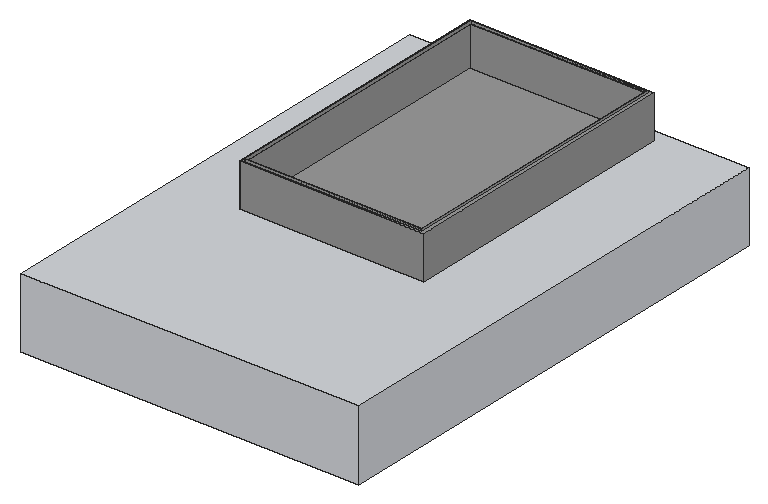
Revit family "Hager-Univers-IP30-D205-H1250-Cl.II-Encl-NL-en", category Equipement électrique, Revit 2020
Family settings
  Hôte = Face
  Configuration du panneau = Deux colonnes, circuits au sein
  Cote de connecteur circulaire = Utiliser le diamètre
  Type d'élément = Tableau de raccordement
  Couper avec des vides une fois chargée = Non
  Partagée = Non
  Point de calcul de pièce = Non
Parameters (values of type "Surface mounted (plaster) IP30 W800 H1250 D205  - FP83Q1S")
  Width Control [instance] = if([EF000008 - Width] > Min Width, [EF000008 - Width], Min Width)  # 800 mm
  Commentaires du type = [HG000003 - Range]  # "Univers"
  Thickness Door [instance] = if([EF009171 - Material plate thickness door/cover] > 3 mm, 3 mm, [EF009171 - Material plate thickness door/cover])  # 1 mm
  Seal Frame Offset [instance] = 17 mm  # constant formula
  Plinth Visibility [instance] = [HG000027 - Plinth height] > 0 mm  # no
  Model = ""
  Min Width [instance] = 100 mm  # constant formula
  Min Height [instance] = 100 mm  # constant formula
  Min Depth [instance] = (2 * [EF009170 - Material plate thickness cabinet]) + 1 mm  # 3 mm
  Internal Frame Depth [instance] = (Door System Depth * 0.5)  # 9 mm
  Height Control [instance] = if([EF000040 - Height] > Min Height, [EF000040 - Height], Min Height)  # 1250 mm
  HG000027 - Plinth height = 0 mm
  HG000026 - Floor standing = no
  HG000024 - Bottom section height = 800 mm
  HG000023 - Double section enclosure = no
  HG000016 - Door 3d visibility [instance] = yes
  HG000015 - Clearance visibility [instance] = no
  HG000014 - Door on the right [instance] = yes
  HG000013 - Door on the left [instance] = not([HG000014 - Door on the right])  # no
  HG000012 - Door swing angle [instance] = 30.00°
  HG000010 - Asymmetric doors = no
  HG000009 - Double swing door = no
  HG000006 - Flush mounted = no
  HG000004 - Manufacturer reference = "FP83Q1S"
  HG000003 - Range = "Univers"
  HG000002 - With door or cover = no
  Frame Offset Bottom [instance] = 10 mm  # constant formula
  Frame Offset [instance] = 15 mm  # constant formula
  EF015940 - Cover with overpressure release = no
  EF011959 - Degree of protection (NEMA) = ""
  EF009554 - Number of openings for flange plates = 6
  EF009212 - Cover model = "EV009916 - With notch"
  EF009171 - Material plate thickness door/cover = 1 mm
  EF009170 - Material plate thickness cabinet = 1 mm
  Fabricant = "Hager"  # constant formula
  EF008873 - Nominal current (In) = 250 A
  EF007800 - Suitable for lightning protection = no
  EF006306 - With lock = no
  EF006244 - Transparent cover/door = no
  EF005474 - Degree of protection (IP) = "EV006410 - IP30"
  EF004464 - Type of door = "EV000494 - None"
  EF004427 - Number of modules = 288
  EF004293 - Impact strength = "EV006813 - IK07"
  EF003532 - Suitable for outdoor use = no
  EF002950 - Width in number of modular spacings = 36
  EF001613 - Circuit integrity = "EV000494 - None"
  EF001596 - Material housing = "EV000179 - Steel"
  EF001131 - Internal depth = 130 mm
  EF001088 - Extension possible = yes
  EF000437 - Number of conduit inlets = 6
  EF000339 - Type of cover = "EV000494 - None"
  EF000266 - Number of rows = 8
  EF000218 - Built-in depth = 0 mm
  EF000118 - With mounting plate = no
  EF000116 - RAL-number = "9010"
  EF000049 - Depth = 205 mm
  EF000040 - Height = 1250 mm
  EF000008 - Width = 800 mm
  EF000007 - Colour = "EV000202 - White"
  EF000003 - Mounting method = "EV000384 - Surface mounted (plaster)"
  Door System Leaf Tolerance [instance] = 1.5 mm  # constant formula
  Door System Depth [instance] = 18 mm  # constant formula
  Door Height [instance] = Height Control - [HG000027 - Plinth height]  # 1250 mm
  Depth Control [instance] = if([EF000049 - Depth] > Min Depth, [EF000049 - Depth], Min Depth)  # 205 mm
  Default Elevation = 0 mm
  Connector Offset [instance] = Height Control / 2  # 625 mm
  Bottom Top Plate Trim [instance] = 1.5 mm  # constant formula
  Plinth height Ctrl [instance] = if([HG000027 - Plinth height] > 0 mm, [HG000027 - Plinth height], 12 mm)  # 12 mm
Types (5, lengths in mm): name | Width Control | HG000004 - Manufacturer reference | EF009554 - Number of openings for flange plates | EF004427 - Number of modules | EF002950 - Width in number of modular spacings | EF000437 - Number of conduit inlets | EF000008 - Width
  Surface mounted (plaster) IP30 W1050 H1250 D205  - FP84Q1S | 1050 | "FP84Q1S" | 8 | 384 | 48 | 8 | 1050
  Surface mounted (plaster) IP30 W1300 H1250 D205  - FP85Q1S | 1300 | "FP85Q1S" | 10 | 480 | 60 | 10 | 1300
  Surface mounted (plaster) IP30 W300 H1250 D205  - FP81Q1S | 300 | "FP81Q1S" | 2 | 96 | 12 | 2 | 300
  Surface mounted (plaster) IP30 W550 H1250 D205  - FP82Q1S | 550 | "FP82Q1S" | 4 | 192 | 24 | 4 | 550
  Surface mounted (plaster) IP30 W800 H1250 D205  - FP83Q1S | 800 | "FP83Q1S" | 6 | 288 | 36 | 6 | 800
Reference planes
  plane 1 "Center (Front/Back)": y = 0
  plane 2: z = 0
  plane 3 "Center (Left/Right)": x = 0
  plane 4: z = 205
  plane 5: y = 1
  plane 6: y = 625
  plane 7: y = 0
  plane 8: y = 1250
  plane 9: z = 0
  plane 10: x = -385
  plane 11: x = 385
  plane 12: x = 384
  plane 13: x = -384
  plane 14: y = 1249
  plane 15: x = -383
  plane 16: x = -400
  plane 17: x = 383
  plane 18: x = 400
  plane 19: x = 399
  plane 20: x = -399
  plane 21: y = 11
  plane 22: y = 1250
  plane 23: y = 1234
  plane 24: z = 187
  plane 25: z = 1
  plane 26: z = 186
  plane 27: z = 204
Forms (mm)
  Extrusion 1, solid
    sketch origin (0, 0, 0) x (1, 0, 0) y (0, 1, 0)
      loop
        line (-702.964, 1305) -> (-702.964, -811.445) -> (766.763, -811.445) -> (766.763, 1305) -> (-702.964, 1305)
    from 0 to -304.8
  Extrusion 2, solid, material "Hager_Steel_RAL7035_Light_Grey", visible <- "Plinth Visibility", detail levels medium+fine
    sketch origin (0, 0, 0) x (1, 0, 0) y (0, 1, 0)
      loop
        line (-400, 0) -> (400, 0) -> (400, 12) -> (-400, 12) -> (-400, 0)
    from 0 to 187
  Extrusion 3, solid, material "Hager_Steel_RAL7035_Light_Grey", detail levels medium+fine
    sketch origin (0, 0, 0) x (1, 0, 0) y (0, 1, 0)
      loop
        line (-400, 0) -> (400, 0) -> (400, 1250) -> (-400, 1250) -> (-400, 0)
    from 0 to 187
  Extrusion 4, void
    sketch origin (0, 0, 0) x (1, 0, 0) y (0, 1, 0)
      loop
        line (-399, 1) -> (399, 1) -> (399, 1249) -> (-399, 1249) -> (-399, 1)
    from 1 to 186
  Extrusion 5, void
    sketch origin (-381.607, -4572, 187) x (0, -1, 0) y (-1, 0, 0)
      loop
        line (-4583, 2.393) -> (-5806, 2.393) -> (-5806, -765.607) -> (-4583, -765.607) -> (-4583, 2.393)
    from 0 to 1 <- "EF009170 - Material plate thickness cabinet"
  Extrusion 6, solid, material "Hager_Steel_RAL7035_Light_Grey", detail levels fine
    sketch origin (0, 0, 187) x (1, 0, 0) y (0, 1, 0)
      loop
        line (-384, 1234) -> (-384, 11) -> (384, 11) -> (384, 1234) -> (-384, 1234)
      loop
        line (-385, 10) -> (385, 10) -> (385, 1235) -> (-385, 1235) -> (-385, 10)
    from 0 to 9 <- "Internal Frame Depth"
  Extrusion 7, solid, material "Hager_Steel_RAL7035_Light_Grey", detail levels coarse
    sketch origin (0, 0, 0) x (1, 0, 0) y (0, 1, 0)
      loop
        line (-400, 0) -> (400, 0) -> (400, 1250) -> (-400, 1250) -> (-400, 0)
    from 0 to 205
  Sweep 8, void
    path in 3D
      loop
        line (-400, 12, 0) -> (400, 12, 0) -> (400, 12, 187) -> (-400, 12, 187) -> (-400, 12, 0)
    profile origin (-400, 12, 93.5) x (-1, 0, 0) y (0, -1, 0)
      loop
        line (0, 0) -> (0, 1.5) -> (-1.5, 1.5)
        arc (-1.5, 1.5) -> (-1.061, 0.439) -> (0, 0) r 1.5
Cuts and joins
  Extrusion 4, Extrusion 5 cuts Extrusion 3
  Sweep 8 cuts Extrusion 2
Lines and regions (mm)
  Masking region 1
    outline origin (0, 0, 0) x (1, 0, 0) y (0, 0, 1)
      loop
        line (-400, 205) -> (-400, 0) -> (400, 0) -> (400, 205) -> (-400, 205)
  Masking region 2, detail levels medium+fine
    outline origin (0, 140, 0) x (0, 1, 0) y (0, 0, 1)
      loop
        line (-140, 0) -> (1110, 0) -> (1110, 187) -> (-140, 187) -> (-140, 0)
  Masking region 3, not visible, detail levels medium+fine
    outline origin (0, 297.922, 0) x (0, 1, 0) y (0, 0, 1)
      loop
        line (338.578, 0) -> (378.578, 0) -> (378.578, 194)
        arc (378.578, 194) -> (375.649, 201.071) -> (368.578, 204) r 10
        line (368.578, 204) -> (338.578, 204) -> (338.578, 0)
  Masking region 4, detail levels coarse
    outline origin (0, 0, 180) x (0, 1, 0) y (0, 0, 1)
      loop
        line (0, -180) -> (1250, -180) -> (1250, 25) -> (0, 25) -> (0, -180)
  Masking region 5, visible <- "Plinth Visibility", detail levels medium+fine
    outline origin (0, 52.24, 12.345) x (0, 0, -1) y (0, 1, 0)
      loop
        line (10.845, -40.24) -> (-173.155, -40.24)
        arc (-173.155, -40.24) -> (-173.594, -41.301) -> (-174.655, -41.74) r 1.5
        line (-174.655, -41.74) -> (-174.655, -52.24) -> (12.345, -52.24) -> (12.345, -41.74)
        arc (12.345, -41.74) -> (11.285, -41.301) -> (10.845, -40.24) r 1.5
  Masking region 6, detail levels medium+fine
    outline origin (-381.607, -4572, 187) x (-1, 0, 0) y (0, -1, 0)
      loop
        line (18.393, -5822) -> (18.393, -4572) -> (-781.607, -4572) -> (-781.607, -5822) -> (18.393, -5822)
  Masking region 7, visible <- "Plinth Visibility", detail levels medium+fine
    outline origin (-381.607, -4727, 187) x (-1, 0, 0) y (0, -1, 0)
      loop
        arc (16.893, -4739) -> (17.332, -4737.939) -> (18.393, -4737.5) r 1.5
        line (18.393, -4737.5) -> (18.393, -4727) -> (-781.607, -4727) -> (-781.607, -4737.5)
        arc (-781.607, -4737.5) -> (-780.546, -4737.939) -> (-780.107, -4739) r 1.5
        line (-780.107, -4739) -> (16.893, -4739)
  Masking region 8, detail levels coarse
    outline origin (-442.548, -4669.526, 187) x (-1, 0, 0) y (0, -1, 0)
      loop
        line (-42.548, -5919.526) -> (-42.548, -4669.526) -> (-842.548, -4669.526) -> (-842.548, -5919.526) -> (-42.548, -5919.526)
  sketch lines
    curve 1: line (-400, 12, 187) -> (-400, 12, 0)
    curve 2: line (400, 12, 187) -> (-400, 12, 187)
    curve 3: line (400, 12, 187) -> (400, 12, 0)
    curve 4: line (-400, 12, 0) -> (400, 12, 0)
Dimensions and locks
  "Depth Control": plane 4 to Extrusion 1
  "HG000027 - Plinth height": plane 1 "Center (Front/Back)" to plane 7
  "EF009170 - Material plate thickness cabinet": plane 5 to plane 7
  locked: connector elem to plane 3 "Center (Left/Right)"
  equal spacing: plane 8, plane 6, plane 7
  locked: connector elem to plane 6
  "EF009170 - Material plate thickness cabinet": plane 8 to plane 14
  "EF009170 - Material plate thickness cabinet": plane 10 to plane 13
  "EF009170 - Material plate thickness cabinet": plane 12 to plane 11
  "Frame Offset": plane 20 to plane 13
  "Frame Offset": plane 12 to plane 19
  "EF009170 - Material plate thickness cabinet": plane 16 to plane 20
  "EF009170 - Material plate thickness cabinet": plane 19 to plane 18
  "Seal Frame Offset": plane 16 to plane 15
  "Seal Frame Offset": plane 17 to plane 18
  "Frame Offset Bottom": plane 21 to plane 5
  "Frame Offset": plane 14 to plane 23
  equal spacing: plane 16, plane 3 "Center (Left/Right)", plane 18
  "Width Control": plane 16 to plane 18
  "EF009170 - Material plate thickness cabinet": plane 4 to plane 27
  "EF009170 - Material plate thickness cabinet": plane 24 to plane 26
  "EF009170 - Material plate thickness cabinet": plane 25 to level
  "Door System Depth": plane 4 to plane 24
  "Height Control": plane 1 "Center (Front/Back)" to Extrusion 7 sketch curve
  "Height Control": Masking region 4 sketch curve to plane 1 "Center (Front/Back)"
  "Height Control": plane 1 "Center (Front/Back)" to plane 22
  "Bottom Top Plate Trim": profile plane to Sweep 8 sketch curve
  "Bottom Top Plate Trim": Sweep 8 sketch curve to profile plane
  "Plinth height Ctrl": plane 1 "Center (Front/Back)" to Extrusion 2 sketch curve
  "Plinth height Ctrl": Masking region 5 sketch curve to plane 1 "Center (Front/Back)"
  "Plinth height Ctrl": plane 1 "Center (Front/Back)" to Masking region 7 sketch curve
  "Thickness Door": Extrusion 6 sketch curve to Extrusion 6 sketch curve  (x3)
  "Thickness Door": cut or joined group of Extrusion 3, Extrusion 4, Extrusion 5 to Extrusion 6 sketch curve
  radius of Masking region 3 sketch curve = 10 mm
  "Bottom Top Plate Trim": radius of Masking region 5 sketch curve  (x2)
  "Bottom Top Plate Trim": radius of Sweep 8 sketch curve
  "Bottom Top Plate Trim": radius of Masking region 7 sketch curve  (x2)
  aligned and locked: plane 2 to Extrusion 1
  aligned and locked: level to Extrusion 1
  aligned and locked: level to Masking region 1 sketch curve
  aligned and locked: Masking region 1 sketch curve to plane 18
  aligned and locked: Masking region 1 sketch curve to plane 16
  aligned and locked: plane 7 to Masking region 2 sketch curve
  aligned and locked: level to Masking region 3 sketch curve
  aligned and locked: Masking region 3 sketch curve to plane 27
  aligned and locked: level to Masking region 2 sketch curve
  aligned and locked: plane 1 "Center (Front/Back)" to Extrusion 2 sketch curve
  aligned and locked: Extrusion 3 sketch curve to plane 7
  aligned and locked: plane 16 to Extrusion 3 sketch curve
  aligned and locked: plane 18 to Extrusion 3 sketch curve
  aligned and locked: plane 20 to Extrusion 4 sketch curve
  aligned and locked: plane 19 to Extrusion 4 sketch curve
  aligned and locked: Extrusion 4 sketch curve to plane 5
  aligned and locked: Extrusion 4 to plane 25
  aligned and locked: plane 26 to Extrusion 4
  aligned and locked: plane 24 to Extrusion 3
  aligned and locked: Extrusion 5 sketch curve to plane 21
  aligned and locked: Extrusion 5 sketch curve to plane 13
  aligned and locked: Extrusion 5 sketch curve to plane 12
  aligned and locked: plane 18 to Extrusion 7 sketch curve
  aligned and locked: plane 1 "Center (Front/Back)" to Extrusion 7 sketch curve
  aligned and locked: plane 16 to Extrusion 7 sketch curve
  aligned and locked: plane 4 to Extrusion 7
  aligned and locked: Extrusion 7 to level
  aligned and locked: level to Masking region 4 sketch curve
  aligned and locked: Masking region 4 sketch curve to plane 1 "Center (Front/Back)"
  aligned and locked: Masking region 4 sketch curve to plane 4
  aligned and locked: nested 1 to level
  aligned and locked: nested 1 to plane 16
  aligned and locked: plane 8 to Extrusion 3 sketch curve
  aligned and locked: plane 23 to Extrusion 5 sketch curve
  aligned and locked: plane 14 to Extrusion 4 sketch curve
  aligned and locked: Masking region 2 sketch curve to plane 8
  aligned and locked: level to Masking region 5 sketch curve
  aligned and locked: plane 16 to Extrusion 2 sketch curve
  aligned and locked: plane 18 to Extrusion 2 sketch curve
  aligned and locked: Masking region 5 sketch curve to plane 24
  aligned and locked: Masking region 2 sketch curve to plane 24
  aligned and locked: plane 24 to Extrusion 2
  aligned and locked: profile plane to Sweep 8 sketch curve  (x2)
  aligned and locked: Masking region 6 sketch curve to plane 18
  aligned and locked: Masking region 6 sketch curve to plane 22
  aligned and locked: Masking region 6 sketch curve to plane 16
  aligned and locked: plane 8 to plane 22
  aligned and locked: Masking region 6 sketch curve to plane 7
  aligned and locked: Masking region 7 sketch curve to plane 16
  aligned and locked: Masking region 7 sketch curve to plane 1 "Center (Front/Back)"
  aligned and locked: Masking region 7 sketch curve to plane 18
  aligned and locked: Masking region 8 sketch curve to plane 1 "Center (Front/Back)"
  aligned and locked: Masking region 8 sketch curve to plane 18
  aligned and locked: Masking region 8 sketch curve to plane 22
  aligned and locked: Masking region 8 sketch curve to plane 16
  aligned and locked: nested 2 to plane 7
  aligned and locked: plane 3 "Center (Left/Right)" to nested 2
  aligned and locked: nested 2 to plane 24
  aligned and locked: Extrusion 6 sketch curve to cut or joined group of Extrusion 3, Extrusion 4, Extrusion 5  (x4)
Automatic sketch dimensions
  Extrusion 1 sketch curve to Extrusion 1 sketch curve = 1469.727 mm
  Extrusion 1 sketch curve to Extrusion 1 sketch curve = 2116.445 mm
  Masking region 1 sketch curve to plane 4 = 0 mm
  plane 6 to Masking region 3 sketch curve = 11.5 mm
  Masking region 3 sketch curve to Masking region 3 sketch curve = 30 mm
  Masking region 5 sketch curve to plane 1 "Center (Front/Back)" = 0 mm
Nested families
  nested 1: "Hager_Enclosure_Symbol" at (-400, 0, 0) x (1, 0, 0) z (0, -1, 0), Height <- "Depth Control", Width <- "Width Control", type "Hager_Enclosure_Symbol"
    with Width_Ctrl 800 mm, Width 800 mm, Height_Ctrl 205 mm, Height 205 mm, A_Width_Int 13.453 mm, A_Width 161.438 mm, A_Height_Ctrl 179.375 mm, A_Height 179.375 mm
  nested 2: "EC000058_Univers_Door" at (0, 0, 187) x (1, 0, 0) z (0, 1, 0), Leaf_Tolerance <- "Door System Leaf Tolerance", Angle <- "HG000012 - Door swing angle", Door_Depth <- "Door System Depth", Door_Left <- "HG000013 - Door on the left", Transparent <- "EF006244 - Transparent cover/door", Assymetrical <- "HG000010 - Asymmetric doors", Width <- "Width Control", Clearance <- "HG000015 - Clearance visibility", Double <- "HG000009 - Double swing door", 3d_Door <- "HG000016 - Door 3d visibility", Lock_Visibility <- "EF006306 - With lock", Width_Ctrl <- "Width Control", Door_Right <- "HG000014 - Door on the right", Door <- "HG000002 - With door or cover", Height <- "Door Height", Thickness <- "Thickness Door", type "EC000058_Univers_Door", detail levels medium+fine
    with min_wh 3 mm, Width_Ctrl 800 mm, Width 800 mm, Transparent no, Thickness 1 mm, Seal_Material Hager_Rubber, Lock_Visibility no, Lock_Material Hager_Plastic_RAL9005_Jet_Black, Leaf_Width 800 mm, Leaf_Tolerance_External_Sides 0 mm, Leaf_Tolerance 1.5 mm, Leaf_Offset 0 mm, Leaf_Height 1247 mm, Leaf_2_Width 800 mm, Leaf_2_Offset 400 mm, Leaf_1_Width 800 mm, Leaf_1_Offset 400 mm, Height_Ctrl 1250 mm, Height 1250 mm, Glass_Material Hager_Glass, Double_Clearance_Ctrl no, Double no, Door_Right_Ctrl no, Door_Right yes, Door_Material Hager_Steel_RAL7035_Light_Grey, Door_Left_Ctrl no, Door_Left no, Door_Depth 18 mm, Door no, Clearance_Material Hager_Clearance, Clearance_Depth 800 mm, Clearance_Ctrl no, Clearance no, Assymetrical no, Angle 30.00°, 3d_Door yes
Connectors
  electrical at (0, 625, 0)
    settings: on plane 9, index 1, voltage 0 V, apparent load 0 VA, apparent load phase1 0 VA, apparent load phase2 0 VA, apparent load phase3 0 VA, power factor 1, load classification "Other", number of poles 1, system type 30, power factor state 1, is connector primary yes, connector utility no, sub classification motor no, connector description ""
Definition of nested family "Hager_Enclosure_Symbol"
  Parameters (values of type "Hager_Enclosure_Symbol")
    Width_Ctrl [instance] = if(Width > 1 mm, Width, 1 mm)  # 102.27 mm
    Width [instance] = 102.27 mm
    Height_Ctrl [instance] = if(Height > 1 mm, Height, 1 mm)  # 66.5 mm
    A_Width_Int [instance] = if(A_Width / 12 > 2 mm, A_Width / 12, 2 mm)  # 4.364 mm
    A_Width [instance] = if(A_Height_Ctrl * 0.9 > 2 mm, A_Height_Ctrl * 0.9, 2 mm)  # 52.369 mm
    A_Height_Ctrl [instance] = if(A_Height > 2 mm, A_Height, 2 mm)  # 58.188 mm
    Height [instance] = 66.5 mm
    A_Height [instance] = Height - (Height / 8)  # 58.188 mm
  Reference planes
    plane 1 "Centre (avant/arrière)": y = 0
    plane 2: z = 0
    plane 3 "Centre (gauche/droite)": x = 0
    plane 4: x = 52.369
    plane 5: y = 33.042
    plane 6: y = 41.77
    plane 7: y = 66.5
    plane 8: x = 26.184
    plane 9: y = 37.406
    plane 10: x = 102.27
    plane 11: y = 66.5
    plane 12: y = 8.313
  Lines and regions (mm)
    Filled region 1, type "Solid_Black", in view "Niveau de réf."
      outline origin (0, 0, 0) x (1, 0, 0) y (0, 1, 0)
        loop
          line (52.369, 66.5) -> (33.188, 54.536) -> (45.365, 45.006) -> (52.369, 66.5)
    Filled region 2, type "Solid_Black", in view "Niveau de réf."
      outline origin (0, 0, 0) x (1, 0, 0) y (0, 1, 0)
        loop
          line (0, 0) -> (102.27, 0) -> (102.27, 66.5) -> (0, 0)
    detail lines, in view "Niveau de réf."
      curve 1: line (0, 8.313, 0) -> (26.184, 41.77, 0)
      curve 2: line (26.184, 41.77, 0) -> (26.184, 33.042, 0)
      curve 3: line (26.184, 33.042, 0) -> (52.369, 66.5, 0)
  Dimensions and locks
    "A_Width": plane 3 "Centre (gauche/droite)" to plane 4
    equal spacing: plane 3 "Centre (gauche/droite)", plane 8, plane 4
    equal spacing: plane 6, plane 9, plane 5
    equal spacing: curve 3, Filled region 1 sketch curve, Filled region 1 sketch curve
    "Height_Ctrl": plane 1 "Centre (avant/arrière)" to plane 11
    "A_Height_Ctrl": plane 11 to plane 12
    equal spacing: plane 11, plane 9, plane 12
    "A_Width_Int": plane 6 to plane 9
    "Width_Ctrl": plane 3 "Centre (gauche/droite)" to plane 10
    angle Filled region 1 sketch curve to curve 3 = 20.00°
    angle curve 3 to Filled region 1 sketch curve = 20.00°
    locked: curve 3 to Filled region 1 sketch curve (angle 90.00°)
    aligned and locked: plane 10 to Filled region 2
    aligned and locked: plane 11 to Filled region 2 sketch curve
    aligned and locked: plane 10 to Filled region 2 sketch curve
    aligned and locked: plane 3 "Centre (gauche/droite)" to curve 1
    aligned and locked: plane 12 to curve 1
    aligned and locked: plane 7 to plane 11
  Automatic sketch dimensions
    Filled region 1 sketch curve to plane 4 = 0 mm
    Filled region 1 sketch curve to plane 7 = 0 mm
    plane 1 "Centre (avant/arrière)" to Filled region 2 sketch curve = 0 mm
    Filled region 2 sketch curve to plane 3 "Centre (gauche/droite)" = 0 mm
    curve 2 to plane 6 = 0 mm
    curve 2 to plane 8 = 0 mm
    curve 3 to plane 4 = 0 mm
    curve 2 to plane 5 = 0 mm
    curve 3 to plane 7 = 0 mm
Definition of nested family "EC000058_Univers_Door"
  Parameters (values of type "EC000058_Univers_Door")
    min_wh [instance] = (2 * Thickness) + 1 mm  # 11 mm
    Width_Ctrl [instance] = 400 mm
    Width [instance] = 500 mm
    Transparent [instance] = yes
    Thickness [instance] = 5 mm
    Seal_Material [instance] = none
    Lock_Visibility [instance] = yes
    Lock_Material [instance] = none
    Leaf_Width [instance] = if((Width_Ctrl - 2 * Leaf_Tolerance_External_Sides) > 0 mm, (Width_Ctrl - 2 * Leaf_Tolerance_External_Sides), min_wh)  # 400 mm
    Leaf_Tolerance_External_Sides [instance] = 0 mm  # constant formula
    Leaf_Tolerance [instance] = 1.5 mm
    Leaf_Offset [instance] = 0 mm  # constant formula
    Leaf_Height [instance] = if((Height_Ctrl - 2 * Leaf_Tolerance) > 0 mm, (Height_Ctrl - 2 * Leaf_Tolerance), min_wh)  # 497 mm
    Leaf_2_Width [instance] = if(and(and(Double, Assymetrical), Door_Left), (Leaf_Width / 3) - (Leaf_Tolerance / 2), if(and(and(Double, Assymetrical), Door_Right), (Leaf_Width / 3) * 2 - (Leaf_Tolerance / 2), if(and(Double, not(Assymetrical)), (Leaf_Width / 2) - Leaf_Tolerance, Leaf_Width)))  # 400 mm
    Leaf_2_Offset [instance] = if(and(Double, Assymetrical), Leaf_2_Width / 2, if(and(Double, not(Assymetrical)), Leaf_Width / 4, Leaf_Width / 2))  # 200 mm
    Leaf_1_Width [instance] = if(and(and(Double, Assymetrical), Door_Right), (Leaf_Width / 3) - (Leaf_Tolerance / 2), if(and(and(Double, Assymetrical), Door_Left), (Width / 3) * 2 - (Leaf_Tolerance / 2), if(and(Double, not(Assymetrical)), (Leaf_Width / 2) - Leaf_Tolerance, Leaf_Width)))  # 400 mm
    Leaf_1_Offset [instance] = if(and(Double, Assymetrical), Leaf_1_Width / 2, if(and(Double, not(Assymetrical)), Leaf_Width / 4, Leaf_Width / 2))  # 200 mm
    Height_Ctrl [instance] = if(Height > min_wh, Height, min_wh)  # 500 mm
    Height [instance] = 500 mm
    Glass_Material [instance] = none
    Double_Clearance_Ctrl [instance] = and(Double, Clearance)  # no
    Double [instance] = no
    Door_Right_Ctrl [instance] = and(or(Door_Right, Double), Door)  # yes
    Door_Right [instance] = yes
    Door_Material [instance] = none
    Door_Left_Ctrl [instance] = and(or(Door_Left, Double), Door)  # no
    Door_Left [instance] = no
    Door_Depth [instance] = 30 mm
    Door [instance] = yes
    Default Elevation = 1219.2 mm
    Clearance_Material [instance] = none
    Clearance_Depth [instance] = if(Leaf_1_Width > Leaf_2_Width, Leaf_1_Width, Leaf_2_Width)  # 400 mm
    Clearance_Ctrl [instance] = and(not(Double), Clearance)  # yes
    Clearance [instance] = yes
    Assymetrical [instance] = yes
    Angle [instance] = 30.00°
    3d_Door [instance] = yes
  Reference planes
    plane 1 "Center (Front/Back)": y = 0
    plane 2 "Bottom": z = 0
    plane 3 "Center (Left/Right)": x = 0
    plane 4: z = 500
    plane 5: x = -200
    plane 6: x = 200
    plane 7: z = 500
    plane 8: x = -200
    plane 9: z = 0
    plane 10: x = 200
    plane 11: y = 0
    plane 12: z = 1.5
    plane 13: x = -600
    plane 14: y = -400
    plane 15: x = 600
    plane 16: x = 0
    plane 17: x = 0
    plane 18: x = -200
    plane 19: x = 200
    plane 20: z = 498.5
  Forms (mm)
    Extrusion 1, solid, material <- "Clearance_Material", visible <- "Double_Clearance_Ctrl"
      sketch origin (1200, 0, 0) x (1, 0, 0) y (0, 0, -1)
        loop
          line (-1800, -498.5) -> (-600, -498.5) -> (-600, 0) -> (-1800, 0) -> (-1800, -498.5)
      from 0 to -400
  Dimensions and locks
    equal spacing: plane 5, plane 3 "Center (Left/Right)", plane 6
    "Width_Ctrl": plane 5 to plane 6
    "Leaf_Offset": plane 5 to plane 8
    "Leaf_Offset": plane 6 to plane 10
    "Leaf_Offset": plane 9 to level
    "Leaf_Offset": plane 4 to plane 7
    "Height_Ctrl": plane 4 to level
    "Leaf_Tolerance": plane 12 to plane 9
    locked: plane 11 to plane 1 "Center (Front/Back)"
    "Leaf_1_Offset": plane 18 to plane 16
    "Leaf_2_Offset": plane 17 to plane 19
    "Leaf_1_Width": plane 13 to plane 8
    "Leaf_2_Width": plane 10 to plane 15
    "Clearance_Depth": plane 14 to plane 1 "Center (Front/Back)"
    "Leaf_Tolerance_External_Sides": plane 8 to plane 18
    "Leaf_Tolerance_External_Sides": plane 19 to plane 10
    "Leaf_Tolerance": plane 7 to plane 20
    aligned and locked: level to plane 2 "Bottom"
    aligned and locked: nested 1 to plane 16
    aligned and locked: nested 2 to plane 17
    aligned and locked: Extrusion 1 to plane 13
    aligned and locked: plane 15 to Extrusion 1
    aligned and locked: Extrusion 1 to plane 14
    aligned and locked: plane 12 to nested 1
    aligned and locked: nested 2 to plane 12
    aligned and locked: Extrusion 1 to plane 11
    aligned and locked: plane 20 to Extrusion 1
    aligned and locked: nested 2 to plane 11
    aligned and locked: nested 1 to plane 11
  Automatic sketch dimensions
    Extrusion 1 sketch curve to level = 0 mm
    plane 5 to Extrusion 1 sketch curve = 400 mm
    plane 6 to Extrusion 1 sketch curve = 400 mm
    Extrusion 1 sketch curve to plane 4 = 1.5 mm
  Nested families
    nested 1: "EC000058_Univers_Door_Leaf" at (0, 0, 1.5), Width <- "Leaf_1_Width", visible <- "Door_Left_Ctrl", Leaf_Height <- "Leaf_Height", Angle <- "Angle", 3d_Door <- "3d_Door", Transparent <- "Transparent", Clearance Material <- "Clearance_Material", Clearance <- "Clearance_Ctrl", Door_Material <- "Door_Material", Glass_Material <- "Glass_Material", Door_Depth <- "Door_Depth", Lock_Material <- "Lock_Material", Seal_Material <- "Seal_Material", Lock_Visibility <- "Lock_Visibility", Thickness <- "Thickness", type "EC000058_Univers_Door_Leaf"
      with Width 400 mm, Transparent_Glass_Offset 30 mm, Transparent_Ctrl yes, Transparent yes, Thickness 5 mm, Standard no, Seal_Material none, Seal_D2 8 mm, Seal_D1 1 mm, Offset_Internal_Frame 10 mm, Lock_Width 20 mm, Lock_Visibility_3d yes, Lock_Visibility yes, Lock_Thickness_3 3 mm, Lock_Thickness_2 1 mm, Lock_Thickness_1 3 mm, Lock_Radius_Offset_2 16 mm, Lock_Radius_Offset_1 15 mm, Lock_Radius_2 5 mm, Lock_Radius 6 mm, Lock_Offset 5 mm, Lock_Material none, Lock_Height 80 mm, Lock_Cover_Top_Offset_2d 17 mm, Lock_Cover_Height -65 mm, Leaf_Height 497 mm, Internal_Seal_Thickness 8 mm, Internal_Seal_Depth_2 4.5 mm, Internal_Frame_Depth 25 mm, Glass_Thickness -1 mm, Glass_Offset -2 mm, Glass_Material none, Door_Material none, Door_Depth 30 mm, Clearance Material none, Clearance yes, Angle_Ctrl 30.00°, Angle 30.00°, 3d_Door yes
    nested 2: "EC000058_Univers_Door_Leaf" at (0, 0, 1.5) x (-1, 0, 0) z (0, 0, 1), Width <- "Leaf_2_Width", visible <- "Door_Right_Ctrl", Leaf_Height <- "Leaf_Height", Angle <- "Angle", 3d_Door <- "3d_Door", Transparent <- "Transparent", Clearance Material <- "Clearance_Material", Clearance <- "Clearance_Ctrl", Door_Material <- "Door_Material", Glass_Material <- "Glass_Material", Door_Depth <- "Door_Depth", Lock_Material <- "Lock_Material", Seal_Material <- "Seal_Material", Lock_Visibility <- "Lock_Visibility", Thickness <- "Thickness", type "EC000058_Univers_Door_Leaf"
      with Width 400 mm, Transparent_Glass_Offset 30 mm, Transparent_Ctrl yes, Transparent yes, Thickness 5 mm, Standard no, Seal_Material none, Seal_D2 8 mm, Seal_D1 1 mm, Offset_Internal_Frame 10 mm, Lock_Width 20 mm, Lock_Visibility_3d yes, Lock_Visibility yes, Lock_Thickness_3 3 mm, Lock_Thickness_2 1 mm, Lock_Thickness_1 3 mm, Lock_Radius_Offset_2 16 mm, Lock_Radius_Offset_1 15 mm, Lock_Radius_2 5 mm, Lock_Radius 6 mm, Lock_Offset 5 mm, Lock_Material none, Lock_Height 80 mm, Lock_Cover_Top_Offset_2d 17 mm, Lock_Cover_Height -65 mm, Leaf_Height 497 mm, Internal_Seal_Thickness 8 mm, Internal_Seal_Depth_2 4.5 mm, Internal_Frame_Depth 25 mm, Glass_Thickness -1 mm, Glass_Offset -2 mm, Glass_Material none, Door_Material none, Door_Depth 30 mm, Clearance Material none, Clearance yes, Angle_Ctrl 30.00°, Angle 30.00°, 3d_Door yes
  Definition of nested family "EC000058_Univers_Door_Leaf"
    Parameters (values of type "EC000058_Univers_Door_Leaf")
      Width [instance] = 2000 mm
      Transparent_Glass_Offset [instance] = 30 mm
      Transparent_Ctrl [instance] = and(Transparent, [3d_Door])  # yes
      Transparent [instance] = yes
      Thickness [instance] = 5 mm
      Standard [instance] = and(not(Transparent), [3d_Door])  # no
      Seal_Material [instance] = none
      Seal_D2 [instance] = 8 mm  # constant formula
      Seal_D1 [instance] = 1 mm  # constant formula
      Offset_Internal_Frame [instance] = 10 mm  # constant formula
      Lock_Width [instance] = 20 mm  # constant formula
      Lock_Visibility_3d [instance] = and(Lock_Visibility, [3d_Door])  # yes
      Lock_Visibility [instance] = yes
      Lock_Thickness_3 [instance] = 3 mm  # constant formula
      Lock_Thickness_2 [instance] = 1 mm  # constant formula
      Lock_Thickness_1 [instance] = 3 mm  # constant formula
      Lock_Radius_Offset_2 [instance] = Lock_Radius_Offset_1 + 1 mm  # 16 mm
      Lock_Radius_Offset_1 [instance] = 15 mm  # constant formula
      Lock_Radius_2 [instance] = Lock_Radius - 1 mm  # 5 mm
      Lock_Radius [instance] = 6 mm  # constant formula
      Lock_Offset [instance] = 5 mm  # constant formula
      Lock_Material [instance] = none
      Lock_Height [instance] = 80 mm  # constant formula
      Lock_Cover_Top_Offset_2d [instance] = Lock_Radius_Offset_2 + 1 mm  # 17 mm
      Lock_Cover_Height [instance] = -(Lock_Height - Lock_Radius_Offset_1)  # -65 mm
      Leaf_Height [instance] = 2720.336 mm
      Internal_Seal_Thickness [instance] = 8 mm  # constant formula
      Internal_Seal_Depth_2 [instance] = 4.5 mm  # constant formula
      Internal_Frame_Depth [instance] = if(Door_Depth - Thickness > 5 mm, Door_Depth - Thickness, 5 mm)  # 25 mm
      Glass_Thickness [instance] = if(Thickness > 15 mm, Glass_Offset + 10 mm, -1 mm)  # -1 mm
      Glass_Offset [instance] = if(Thickness > 15 mm, -(Thickness + 10 mm) / 2, -2 mm)  # -2 mm
      Glass_Material [instance] = none
      Door_Material [instance] = none
      Door_Depth [instance] = 30 mm
      Default Elevation = 0 mm
      Clearance Material [instance] = none
      Clearance [instance] = yes
      Angle_Ctrl [instance] = if(Angle > 180.00°, 180.00°, Angle)  # 90.00°
      Angle [instance] = 90.00°
      3d_Door [instance] = yes
    Reference planes
      plane 1 "Center (Front/Back)": y = 0
      plane 2: z = 0
      plane 3 "Center (Left/Right)": x = 0
      plane 4: y = 2000
      plane 5: x = -1000
      plane 6: x = 1000
      plane 7: x = -3000
      plane 8: z = 2720.336
      plane 9: z = 30
      plane 10: z = 2690.336
      plane 11: x = 970
      plane 12: x = -970
      plane 13: y = -3
      plane 14: z = 107.833
      plane 15: y = -5
      plane 16: y = -223.314
      plane 17: x = -1000
      plane 18: z = 1360.168
      plane 19: y = 30
    Forms (mm)
      Extrusion 1, solid, material <- "Clearance Material", visible <- "Clearance"
        sketch origin (0, 0, 0) x (1, 0, 0) y (0, 0, 1)
          loop
            line (-3000, 2720.336) -> (-3000, 0) -> (1000, 0) -> (1000, 2720.336) -> (-3000, 2720.336)
        from 0 to -2000
      Extrusion 2, solid, material <- "Door_Material", visible <- "Standard", detail levels medium+fine
        sketch origin (-1000, 0, 0) x (0, 1, 0) y (-1, 0, 0)
          loop
            line (0, 30) -> (0, 25) -> (2000, 25) -> (2000, 30) -> (0, 30)
        from 0 to 2720.336 <- "Leaf_Height"
      Extrusion 3, solid, material <- "Door_Material", visible <- "Transparent_Ctrl", detail levels medium+fine
        sketch origin (-1000, 0, 0) x (0, 1, 0) y (-1, 0, 0)
          loop
            line (0, 25) -> (2000, 25) -> (2000, 30) -> (0, 30) -> (0, 25)
        from 0 to 2720.336 <- "Leaf_Height"
      Extrusion 4, void
        sketch origin (-1025, 2000, 0) x (0, 1, 0) y (0, 0, -1)
          loop
            line (-30, -2690.336) -> (-30, -30) -> (-1970, -30) -> (-1970, -2690.336) -> (-30, -2690.336)
        from 0 to 5 <- "Thickness"
      Sweep 5, solid, material <- "Seal_Material", visible <- "Transparent_Ctrl", detail levels fine
        path in 3D
          loop
            line (-1025, 30, 30) -> (-1025, 30, 2690.336) -> (-1025, 1970, 2690.336) -> (-1025, 1970, 30) -> (-1025, 30, 30)
        profile origin (-1025, 1000, 30) x (1, 0, 0) y (0, 0, 1)
          loop
            line (0, 0) -> (0, -8) -> (1, -8) -> (1, 0) -> (0, 0)
      Extrusion 6, solid, material <- "Glass_Material", visible <- "Transparent_Ctrl", detail levels medium+fine
        sketch origin (-1030, 0, 0) x (0, 1, 0) y (0, 0, -1)
          loop
            line (1970, -2690.336) -> (1970, -30) -> (30, -30) -> (30, -2690.336) -> (1970, -2690.336)
        from -2 <- "Glass_Offset" to -1 <- "Glass_Thickness"
      Extrusion 7, solid, material <- "Door_Material", visible <- "3d_Door", detail levels medium+fine
        sketch origin (-1025, 2000, 0) x (0, -1, 0) y (0, 0, -1)
          loop
            line (0, -2720.336) -> (2000, -2720.336) -> (2000, 0) -> (0, 0) -> (0, -2720.336)
          loop
            line (1995, -5) -> (5, -5) -> (5, -2715.336) -> (1995, -2715.336) -> (1995, -5)
        from 0 to 25 <- "Internal_Frame_Depth"
      Sweep 8, solid, material <- "Seal_Material", visible <- "Transparent_Ctrl", detail levels fine
        path in 3D
          loop
            line (-1025, 0, 0) -> (-1025, 2000, 0) -> (-1025, 2000, 2720.336) -> (-1025, 0, 2720.336) -> (-1025, 0, 0)
        profile origin (-1025, 0, 1360.168) x (1, 0, 0) y (0, 1, 0)
          loop
            line (0, 10) -> (2.975, 10)
            arc (2.975, 10) -> (4.053, 10.447) -> (4.5, 11.525) r 1.525
            line (4.5, 11.525) -> (4.5, 16.527)
            arc (4.5, 16.527) -> (4.069, 17.569) -> (3.027, 18) r 1.473
            line (3.027, 18) -> (0, 18) -> (0, 10)
      Extrusion 9, solid, material <- "Lock_Material", visible <- "Lock_Visibility_3d", detail levels fine
        sketch origin (-1030, 0, 0) x (0, 1, 0) y (0, 0, -1)
          loop
            arc (1993.5, -1400.168) -> (1994.561, -1399.729) -> (1995, -1398.668) r 1.5
            line (1995, -1398.668) -> (1995, -1320.168) -> (1975, -1320.168) -> (1975, -1398.668)
            arc (1975, -1398.668) -> (1975.439, -1399.729) -> (1976.5, -1400.168) r 1.5
            line (1976.5, -1400.168) -> (1993.5, -1400.168)
        from 3 <- "Lock_Thickness_1" to 0
      Blend 10, solid, material <- "Lock_Material", visible <- "Lock_Visibility_3d", detail levels fine
        base sketch origin (-1033, 0, 0) x (0, 1, 0) y (0, 0, -1)
          loop
            line (1975, -1320.168) -> (1975, -1398.668)
            arc (1975, -1398.668) -> (1975.439, -1399.729) -> (1976.5, -1400.168) r 1.5
            line (1976.5, -1400.168) -> (1993.5, -1400.168)
            arc (1993.5, -1400.168) -> (1994.561, -1399.729) -> (1995, -1398.668) r 1.5
            line (1995, -1398.668) -> (1995, -1320.168) -> (1975, -1320.168)
        top sketch origin (-1033, 0, 0) x (0, 1, 0) y (0, 0, -1)
          loop
            line (1976, -1320.168) -> (1976, -1398.668)
            arc (1976, -1398.668) -> (1976.146, -1399.022) -> (1976.5, -1399.168) r 0.5
            line (1976.5, -1399.168) -> (1993.5, -1399.168)
            arc (1993.5, -1399.168) -> (1993.854, -1399.022) -> (1994, -1398.668) r 0.5
            line (1994, -1398.668) -> (1994, -1320.168) -> (1976, -1320.168)
        from 0 to 1 <- "Lock_Thickness_2"
      Blend 11, solid, material <- "Lock_Material", visible <- "Lock_Visibility_3d", detail levels fine
        base sketch origin (-1034, 0, 0) x (0, 1, 0) y (0, 0, -1)
          loop
            line (1978, -1320.168) -> (1978, -1384.168)
            arc (1978, -1384.168) -> (1985, -1391.168) -> (1992, -1384.168) r 7
            line (1992, -1384.168) -> (1992, -1320.168) -> (1978, -1320.168)
        top sketch origin (-1034, 0, 0) x (0, 1, 0) y (0, 0, -1)
          loop
            line (1991, -1320.168) -> (1979, -1320.168) -> (1979, -1383.168)
            arc (1979, -1383.168) -> (1985, -1389.168) -> (1991, -1383.168) r 6
            line (1991, -1383.168) -> (1991, -1320.168)
        from 0 to 3 <- "Lock_Thickness_3"
      Extrusion 12, solid, material <- "Lock_Material", visible <- "Lock_Visibility_3d", detail levels fine
        sketch origin (-1030, 1975, 1320.168) x (1, 0, 0) y (0, -1, 0)
          loop
            line (-7, -19) -> (-7, -1) -> (0, -1) -> (0, 0) -> (-8, 0) -> (-8, -20) -> (0, -20) -> (0, -19) -> (-7, -19)
        from 0 to -65 <- "Lock_Cover_Height"
      Extrusion 13, void
        sketch origin (-1038, 1995, 1320.168) x (-1, 0, 0) y (0, 0, -1)
          loop
            line (-5, -65) -> (0, -65) -> (-5, -60) -> (-5, -65)
        from 0 to 20 <- "Lock_Width"
      Extrusion 14, void
        sketch origin (-1038, 1975, 1320.168) x (0, -1, 0) y (0, 0, -1)
          loop
            circle (-10, -15.995) r 6
          loop
            circle (-10, -15.995) r 5
        from 0 to 2
      Extrusion 15, solid, material <- "Lock_Material", visible <- "Lock_Visibility_3d", detail levels medium
        sketch origin (-1030, 0, 0) x (0, 1, 0) y (0, 0, -1)
          loop
            arc (1993.5, -1400.168) -> (1994.561, -1399.729) -> (1995, -1398.668) r 1.5
            line (1995, -1398.668) -> (1995, -1320.168) -> (1975, -1320.168) -> (1975, -1398.668)
            arc (1975, -1398.668) -> (1975.439, -1399.729) -> (1976.5, -1400.168) r 1.5
            line (1976.5, -1400.168) -> (1993.5, -1400.168)
        from 8 to 0
    Cuts and joins
      Extrusion 4 cuts Extrusion 3
      Extrusion 13, Extrusion 14 cuts Extrusion 9
      Extrusion 14 cuts Blend 11
      Extrusion 13, Extrusion 14 cuts Extrusion 12
      joined: Extrusion 9, Blend 10, Blend 11, Extrusion 12
      Extrusion 14 cuts Extrusion 15
    Lines and regions (mm)
      Masking region 1, visible <- "Lock_Visibility", detail levels fine
        outline origin (0, 0, 0) x (0, 1, 0) y (0, 0, 1)
          loop
            line (30, 1320.168) -> (33, 1320.168) -> (33, 1400.168) -> (30, 1400.168) -> (30, 1320.168)
      Masking region 2, visible <- "Lock_Visibility", detail levels fine
        outline origin (0, 3.143, 0) x (0, 1, 0) y (0, 0, 1)
          loop
            line (29.857, 1354.168) -> (30.857, 1354.168) -> (30.857, 1366.168) -> (29.857, 1366.168) -> (29.857, 1354.168)
      Masking region 3, detail levels medium+fine
        outline origin (0, 0, 0) x (0, 1, 0) y (0, 0, 1)
          loop
            line (0, 0) -> (30, 0) -> (30, 2720.336) -> (0, 2720.336) -> (0, 0)
      Masking region 4, detail levels medium+fine
        outline origin (0, 0, 0) x (1, 0, 0) y (0, 0, 1)
          loop
            line (-1000, 2720.336) -> (-1000, 0) -> (1000, 0) -> (1000, 2720.336) -> (-1000, 2720.336)
      Masking region 5, visible <- "Lock_Visibility", detail levels fine
        outline origin (-47.116, 0, 0) x (1, 0, 0) y (0, 0, 1)
          loop
            arc (1024.616, 1399.168) -> (1023.556, 1398.729) -> (1023.116, 1397.668) r 1.5
            line (1023.116, 1397.668) -> (1023.116, 1320.168) -> (1041.116, 1320.168) -> (1041.116, 1397.668)
            arc (1041.116, 1397.668) -> (1040.677, 1398.729) -> (1039.616, 1399.168) r 1.5
            line (1039.616, 1399.168) -> (1024.616, 1399.168)
      Masking region 6, visible <- "Lock_Visibility", detail levels medium+fine
        outline origin (-25, 0, 0) x (1, 0, 0) y (0, 0, 1)
          loop
            arc (1001.5, 1400.168) -> (1000.439, 1399.729) -> (1000, 1398.668) r 1.5
            line (1000, 1398.668) -> (1000, 1320.168) -> (1020, 1320.168) -> (1020, 1398.668)
            arc (1020, 1398.668) -> (1019.561, 1399.729) -> (1018.5, 1400.168) r 1.5
            line (1018.5, 1400.168) -> (1001.5, 1400.168)
      Masking region 7, visible <- "Lock_Visibility", detail levels fine
        outline origin (-73.735, 0, 0) x (1, 0, 0) y (0, 0, 1)
          loop
            line (1051.735, 1382.168) -> (1065.735, 1382.168) -> (1065.735, 1384.168)
            arc (1065.735, 1384.168) -> (1058.735, 1391.168) -> (1051.735, 1384.168) r 7
            line (1051.735, 1384.168) -> (1051.735, 1382.168)
      Masking region 8, visible <- "Lock_Visibility", detail levels fine
        outline origin (-73.735, 0, 0) x (1, 0, 0) y (0, 0, 1)
          loop
            line (1052.735, 1382.168) -> (1064.735, 1382.168) -> (1064.735, 1383.168)
            arc (1064.735, 1383.168) -> (1058.735, 1389.168) -> (1052.735, 1383.168) r 6
            line (1052.735, 1383.168) -> (1052.735, 1382.168)
      Masking region 9, visible <- "Lock_Visibility", detail levels fine
        outline origin (-25, 0, 0) x (1, 0, 0) y (0, 0, 1)
          loop
            line (1020, 1320.168) -> (1020, 1382.168) -> (1000, 1382.168) -> (1000, 1320.168) -> (1020, 1320.168)
      Masking region 10, detail levels medium+fine
        outline origin (0, 0, 0) x (1, 0, 0) y (0, 0, 1)
          loop
            circle (985, 1335.144) r 6
      Masking region 11, detail levels fine
        outline origin (0, 0, 0) x (1, 0, 0) y (0, 0, 1)
          loop
            circle (985, 1335.144) r 5
      Masking region 12, visible <- "Lock_Visibility", detail levels fine
        outline origin (0, 12.767, 0) x (0, 1, 0) y (0, 0, 1)
          loop
            line (20.233, 1320.168) -> (21.233, 1320.168) -> (21.233, 1399.168) -> (20.233, 1400.168) -> (20.233, 1320.168)
      Masking region 13, visible <- "Lock_Visibility", detail levels fine
        outline origin (0, 13.767, -10) x (0, 1, 0) y (0, 0, 1)
          loop
            line (20.233, 1330.168) -> (23.233, 1330.168) -> (23.233, 1399.168) -> (20.233, 1402.168) -> (20.233, 1330.168)
      Masking region 14, visible <- "Lock_Visibility", detail levels fine
        outline origin (0, 12.767, -10) x (0, 1, 0) y (0, 0, 1)
          loop
            line (20.233, 1330.168) -> (25.233, 1330.168) -> (25.233, 1399.305) -> (20.233, 1394.305) -> (20.233, 1330.168)
      Masking region 15, visible <- "Lock_Visibility", detail levels medium
        outline origin (0, 0, 0) x (0, 1, 0) y (0, 0, 1)
          loop
            line (30, 1320.168) -> (38, 1320.168) -> (38, 1400.168) -> (30, 1400.168) -> (30, 1320.168)
      Masking region 16, visible <- "Lock_Visibility", detail levels fine
        outline origin (-1000, 0, 0) x (0, 1, 0) y (-1, 0, 0)
          loop
            line (1975, 30) -> (1995, 30) -> (1995, 38) -> (1975, 38) -> (1975, 30)
          loop
            line (1979, 37) -> (1976, 37) -> (1976, 34) -> (1978, 34) -> (1979, 37)
          loop
            line (1994, 37) -> (1991, 37) -> (1992, 34) -> (1994, 34) -> (1994, 37)
      Masking region 17, visible <- "Lock_Visibility", detail levels medium
        outline origin (-1000, 0, 0) x (0, 1, 0) y (-1, 0, 0)
          loop
            line (1975, 30) -> (1995, 30) -> (1995, 38) -> (1975, 38) -> (1975, 30)
      symbolic lines
        curve 1: line (1000, 0, 0) -> (-3000, 0, 0)
        curve 2: arc (1000, 0, 0) -> (-1000, 2000, 0) -> (-3000, 0, 0) r 2000
        curve 4: line (-1030, 0, 0) -> (-1030, 2000, 0)
      reference lines
        curve 3: line (-1000, 0, 0) -> (-1000, 2000, 0)
      symbolic lines, detail levels medium+fine
        curve 5: line (-1030, 2000, 0) -> (-1025, 2000, 0)
        curve 7: line (-1025, 0, 0) -> (-1030, 0, 0)
        curve 8: line (-1025, 0, 0) -> (-1000, 0, 0)
        curve 9: line (-1000, 0, 0) -> (-1000, 2000, 0)
        curve 10: line (-1000, 2000, 0) -> (-1025, 2000, 0)
      symbolic lines, detail levels fine
        curve 6: line (-1025, 2000, 0) -> (-1025, 0, 0)
      sketch lines
        curve 11: line (-1025, 0, 2720.336) -> (-1025, 0, 0)
        curve 12: line (-1025, 2000, 0) -> (-1025, 0, 0)
        curve 13: line (-1025, 2000, 2720.336) -> (-1025, 2000, 0)
        curve 14: line (-1025, 0, 2720.336) -> (-1025, 2000, 2720.336)
        curve 15: line (-1025, 1970, 30) -> (-1025, 30, 30)
        curve 16: line (-1025, 30, 30) -> (-1025, 30, 2690.336)
        curve 17: line (-1025, 1970, 2690.336) -> (-1025, 1970, 30)
        curve 18: line (-1025, 30, 2690.336) -> (-1025, 1970, 2690.336)
      symbolic lines, visible <- "Transparent", detail levels medium+fine
        curve 19: line (-970, 0, 2690.336) -> (970, 0, 2690.336)
        curve 20: line (-970, 0, 30) -> (-970, 0, 2690.336)
        curve 21: line (970, 0, 30) -> (-970, 0, 30)
        curve 22: line (970, 0, 2690.336) -> (970, 0, 30)
    Dimensions and locks
      "Width": plane 1 "Center (Front/Back)" to plane 4
      equal spacing: plane 5, plane 3 "Center (Left/Right)", plane 6
      "Width": plane 5 to plane 6
      "Width": plane 7 to plane 5
      "Leaf_Height": plane 8 to level
      "Width": curve 5 to curve 3
      "Width": curve 3 to curve 3
      plane 8 to plane 10 = 30 mm
      plane 9 to level = 30 mm
      plane 12 to plane 5 = 30 mm
      plane 6 to plane 11 = 30 mm
      Extrusion 1 to Extrusion 4 sketch curve = 30 mm
      "Transparent_Glass_Offset": curve 3 to Extrusion 4 sketch curve
      "Transparent_Glass_Offset": Extrusion 4 sketch curve to cut or joined group of Extrusion 3, Extrusion 4  (x2)
      cut or joined group of Extrusion 3, Extrusion 4 to Extrusion 6 sketch curve = 30 mm
      "Transparent_Glass_Offset": cut or joined group of Extrusion 3, Extrusion 4 to Extrusion 4 sketch curve
      "Thickness": curve 6 to curve 4
      "Thickness": Extrusion 7 sketch curve to Extrusion 7 sketch curve  (x4)
      "Door_Depth": curve 4 to curve 3
      "Offset_Internal_Frame": profile plane to Sweep 8 sketch curve
      "Internal_Seal_Thickness": Sweep 8 sketch curve to Sweep 8 sketch curve
      "Internal_Seal_Depth_2": profile plane to Sweep 8 sketch curve
      "Seal_D1": profile plane to Sweep 5 sketch curve
      "Seal_D2": profile plane to Sweep 5 sketch curve
      "Thickness": Extrusion 2 sketch curve to Extrusion 2 sketch curve
      equal spacing: Extrusion 9 sketch curve, plane 18, Extrusion 9 sketch curve  (x2)
      equal spacing: Masking region 1 sketch curve, plane 18, Masking region 1 sketch curve
      "Lock_Height": Masking region 1 sketch curve to Masking region 1 sketch curve
      "Lock_Radius": Masking region 2 sketch curve to plane 18 to Masking region 2 sketch curve
      Masking region 2 sketch curve to Masking region 1 = 1 mm
      "Door_Depth": plane 19 to plane 1 "Center (Front/Back)"
      "Lock_Thickness_1": Masking region 1 sketch curve to plane 19
      "Lock_Width": Extrusion 9 sketch curve to Extrusion 9 sketch curve
      "Lock_Height": Extrusion 9 sketch curve to Extrusion 9 sketch curve
      "Lock_Offset": cut or joined group of Extrusion 3, Extrusion 4 to Extrusion 9 sketch curve
      equal spacing: plane 8, plane 18, level
      "Lock_Radius_Offset_1": Blend 11 sketch curve to Blend 10
      locked: Blend 10 to Blend 11 sketch curve at 2  (x2)
      locked: var sketch to Blend 11 sketch curve at 1  (x2)
      "Lock_Radius_Offset_2": Blend 11 sketch curve to Blend 10
      locked: Extrusion 12 sketch curve to Extrusion 12 sketch curve at 1  (x3)
      Masking region 6 sketch curve to Masking region 6 sketch curve = 80 mm
      "Lock_Height": Masking region 6 sketch curve to Masking region 6 sketch curve
      "Lock_Width": Masking region 6 sketch curve to Masking region 6 sketch curve
      locked: Masking region 6 to Masking region 5 sketch curve at 1  (x3)
      locked: Masking region 5 to Masking region 7 sketch curve at 2  (x2)
      "Lock_Radius_Offset_1": Masking region 5 to Masking region 7 sketch curve
      "Lock_Radius_Offset_2": Masking region 5 to Masking region 8 sketch curve
      locked: Masking region 7 to Masking region 8 sketch curve at 1  (x2)
      "Lock_Cover_Top_Offset_2d": Masking region 5 to Masking region 9 sketch curve
      equal spacing: Masking region 9, Masking region 10 sketch curve, Masking region 9
      equal spacing: Masking region 9, Masking region 11 sketch curve, Masking region 9
      Extrusion 15 sketch curve to Extrusion 15 sketch curve = 80 mm
      "Lock_Width": Extrusion 15 sketch curve to Extrusion 15 sketch curve
      "Lock_Height": Extrusion 15 sketch curve to Extrusion 15 sketch curve
      equal spacing: Extrusion 15 sketch curve, plane 18, Extrusion 15 sketch curve
      "Lock_Thickness_3": Masking region 13 sketch curve to Masking region 13 sketch curve
      "Lock_Height": Masking region 12 sketch curve to Masking region 12 sketch curve
      locked: Masking region 13 sketch curve to Masking region 1 at 8
      locked: Masking region 14 sketch curve to Masking region 13 at 1
      locked: Masking region 14 sketch curve to Masking region 1 at 10.863
      "Lock_Height": Masking region 15 sketch curve to Masking region 15 sketch curve
      "Lock_Offset": Extrusion 15 sketch curve to cut or joined group of Extrusion 3, Extrusion 4
      "Lock_Offset": plane 6 to Masking region 6 sketch curve
      radius of Sweep 8 sketch curve = 1.525 mm
      radius of Sweep 8 sketch curve = 1.473 mm
      radius of Extrusion 9 sketch curve = 1.5 mm  (x2)
      "Lock_Radius": radius of Extrusion 14 sketch curve
      "Lock_Radius_2": radius of Extrusion 14 sketch curve
      "Lock_Radius": radius of Masking region 10 sketch curve
      "Lock_Radius_2": radius of Masking region 11 sketch curve
      radius of Extrusion 15 sketch curve = 1.5 mm  (x2)
      "Angle_Ctrl": angle plane 1 "Center (Front/Back)" to curve 3
      locked: Masking region 12 sketch curve to Masking region 12 sketch curve (angle 45.00°)
      locked: Masking region 13 sketch curve to Masking region 13 sketch curve (angle 45.00°)
      locked: Masking region 14 sketch curve to Masking region 14 sketch curve (angle 45.00°)
      aligned and locked: level to plane 2
      aligned and locked: Extrusion 1 to curve 1
      aligned and locked: plane 6 to Extrusion 1
      aligned and locked: Extrusion 1 to plane 1 "Center (Front/Back)"
      aligned and locked: plane 4 to Extrusion 1
      aligned and locked: plane 8 to Extrusion 1
      aligned and locked: curve 7 to Extrusion 2 sketch curve
      aligned and locked: curve 5 to Extrusion 2 sketch curve
      aligned and locked: curve 7 to Extrusion 3 sketch curve
      aligned and locked: Extrusion 3 sketch curve to curve 4
      aligned and locked: Extrusion 3 sketch curve to curve 6
      aligned and locked: Extrusion 3 sketch curve to curve 5
      aligned and locked: curve 9 to curve 3
      aligned and locked: Extrusion 7 sketch curve to cut or joined group of Extrusion 3, Extrusion 4  (x4)
      aligned and locked: plane 17 to curve 3
      aligned and locked: plane 1 "Center (Front/Back)" to curve 3
      aligned and locked: plane 17 to plane 5
      aligned and locked: Sweep 8 sketch curve to profile plane
      aligned and locked: Sweep 5 sketch curve to profile plane  (x2)
      aligned and locked: Masking region 1 to Masking region 2 sketch curve
      aligned and locked: plane 19 to Masking region 1 sketch curve
      aligned and locked: plane 1 "Center (Front/Back)" to Masking region 3 sketch curve
      aligned and locked: plane 19 to Masking region 3 sketch curve
      aligned and locked: level to Masking region 3 sketch curve
      aligned and locked: Masking region 3 sketch curve to plane 8
      aligned and locked: plane 17 to Masking region 4 sketch curve
      aligned and locked: level to Masking region 4 sketch curve
      aligned and locked: Masking region 4 sketch curve to plane 8
      aligned and locked: plane 12 to curve 20
      aligned and locked: plane 10 to curve 19
      aligned and locked: plane 11 to curve 22
      aligned and locked: curve 21 to plane 9
      aligned and locked: Extrusion 2 sketch curve to cut or joined group of Extrusion 3, Extrusion 4
      aligned and locked: Blend 10 sketch curve to Extrusion 9  (x4)
      aligned and locked: Extrusion 9 to Blend 10 sketch curve
      aligned and locked: Blend 10 to Blend 11 sketch curve
      aligned and locked: Extrusion 12 sketch curve to Blend 11
      aligned and locked: Extrusion 12 sketch curve to Extrusion 9  (x4)
      aligned and locked: Masking region 5 sketch curve to Masking region 6
      aligned and locked: Masking region 9 sketch curve to Masking region 6  (x3)
      aligned and locked: Masking region 12 sketch curve to Masking region 1
      aligned and locked: Masking region 13 sketch curve to Masking region 1
      aligned and locked: Masking region 12 to Masking region 14
      aligned and locked: Masking region 14 sketch curve to Masking region 1
      aligned and locked: Masking region 15 sketch curve to Masking region 14
      aligned and locked: Masking region 13 sketch curve to Masking region 12
      aligned and locked: Masking region 16 sketch curve to cut or joined group of Extrusion 14, Extrusion 15  (x4)
      aligned and locked: Masking region 16 sketch curve to cut or joined group of Extrusion 9, Blend 10, Blend 11, Extrusion 12, Extrusion 13, Extrusion 14  (x6)
      aligned and locked: cut or joined group of Extrusion 9, Blend 10, Blend 11, Extrusion 12, Extrusion 13, Extrusion 14 to Masking region 16 sketch curve
      aligned and locked: Masking region 17 sketch curve to cut or joined group of Extrusion 14, Extrusion 15  (x3)
      aligned and locked: Masking region 17 sketch curve to cut or joined group of Extrusion 9, Blend 10, Blend 11, Extrusion 12, Extrusion 13, Extrusion 14
      aligned and locked: Masking region 9 to Masking region 8 sketch curve
      aligned and locked: Masking region 9 to Masking region 7 sketch curve
    Automatic sketch dimensions
      plane 1 "Center (Front/Back)" to curve 2 = 0 mm
      curve 2 to plane 5 = 0 mm
      Extrusion 1 sketch curve to level = 0 mm
      Extrusion 1 sketch curve to plane 7 = 0 mm
      Extrusion 1 sketch curve to plane 6 = 0 mm
      Extrusion 1 sketch curve to plane 8 = 0 mm
      Extrusion 3 to Extrusion 6 sketch curve = 30 mm  (x4)
      Masking region 4 sketch curve to plane 6 = 0 mm
      Blend 10 sketch curve to Extrusion 9 = 1.5 mm
      Blend 10 sketch curve to Extrusion 9 = 1 mm
      Extrusion 13 sketch curve to Extrusion 12 = 0 mm  (x2)
      Extrusion 12 to Extrusion 13 sketch curve = 3 mm
      Extrusion 13 sketch curve to Extrusion 12 = 5 mm
      Extrusion 14 sketch curve to Extrusion 14 sketch curve = 0 mm  (x2)
      Extrusion 14 sketch curve to Extrusion 12 = 10 mm
      Extrusion 14 sketch curve to Extrusion 12 = 15.995 mm
      Masking region 5 sketch curve to Masking region 5 sketch curve = 1.5 mm  (x2)
      Masking region 10 sketch curve to plane 18 = 25.024 mm
      Masking region 11 sketch curve to plane 18 = 25.024 mm
      plane 19 to Masking region 14 sketch curve = 3 mm
      Masking region 16 sketch curve to Masking region 16 sketch curve = 3 mm
      curve 4 to curve 3 = 0 mm
      Blend 10 to Blend 11 sketch curve = 0 mm
      Masking region 6 sketch curve to Masking region 6 sketch curve = 1.5 mm  (x2)
      Masking region 6 sketch curve to plane 18 = 40 mm
      plane 19 to Masking region 12 sketch curve = 3 mm
      Masking region 12 sketch curve to Masking region 12 sketch curve = 1 mm
      Masking region 15 sketch curve to plane 19 = 0 mm
      Masking region 15 sketch curve to plane 18 = 40 mm
      radius of Blend 10 sketch curve to Extrusion 9 = 1 mm
